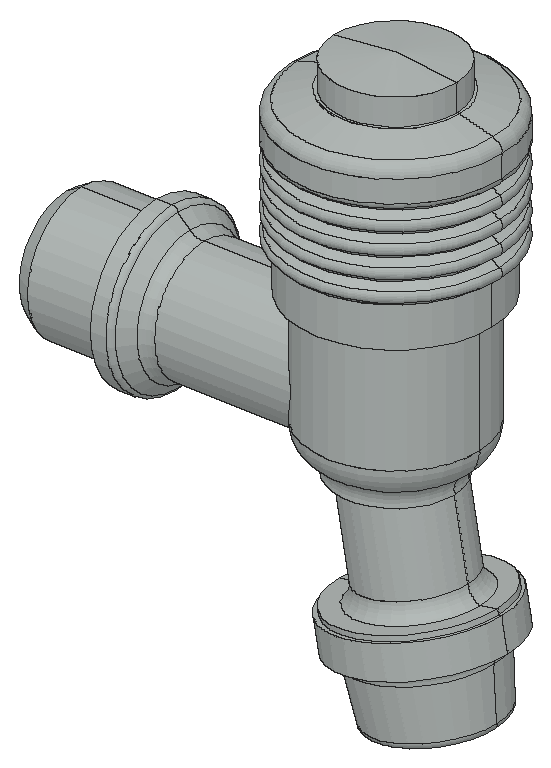
Revit family "QL01941015", category Apparecchi idraulici, Revit 2020
Family settings
  Quota connettore circolare = Usa diametro
  Tipo di parte = Normale
  Numero OmniClass = 23.45.00.00
  Titolo OmniClass = Sanitary, Laundry, and Cleaning Equipment
  Basato su piano di lavoro = No
  Sempre verticale = Sì
  Taglio con vuoti quando caricato = No
  Condiviso = No
  Punto di calcolo locali = No
Parameters
  URL = "https://web.cimberio.com/index.php/figura/1782?subcategoria_id=123"
  Temperatura di esercizio = "-10÷90°C"
  Prospetto di default = 0 mm
  Produttore = "CIMBERIO SPA"
  Pressione nominale = "PN 10"
  Modello = "Cim 44"
  Materiale = "Prodotto in lega di ottone conforme alla norma EN 12165-CW617N-DW"
  Descrizione = "Realizzato in ottemperanza ai requisiti gestionali della norma EN ISO 9001.\r\nUtilizzato per la regolazione della temperatura degli ambienti e comandare apparecchi degli impianti di riscaldamento e condizionamento."
  DN [instance] = 15 mm
  Commenti sul tipo = "Utilizzato per impianti idrici, applicazioni industriali ed agricole, in generale con ogni fluido non corrosivo.\r\nUtilizzato per impianti idrici, applicazioni industriali ed agricole, in generale con ogni fluido non corrosivo."
Reference planes
  plane 1 "Centro (Fronte/Retro)": y = 0
  plane 2: z = 0
  plane 3 "Centro (Sinistra/Destra)": x = 0
Forms (mm)
  Revolve 1, solid, material "Cim_Lega di ottone"
    sketch origin (0, 0, 0) x (1, 0, 0) y (0, 0, 1)
      loop
        arc (-10, 41.2) -> (-12.601, 40.54) -> (-15.159, 39.73) r 46
        arc (-15.159, 39.73) -> (-16.131, 39) -> (-16.5, 37.842) r 2
        line (-16.5, 37.842) -> (-16.5, 34.412)
        arc (-16.5, 34.412) -> (-16.397, 33.97) -> (-16.109, 33.619) r 1
        line (-16.109, 33.619) -> (-14.989, 32.76) -> (-16.109, 31.9)
        arc (-16.109, 31.9) -> (-16.5, 31.107) -> (-16.109, 30.314) r 1
        line (-16.109, 30.314) -> (-14.989, 29.454) -> (-16.109, 28.595)
        arc (-16.109, 28.595) -> (-16.5, 27.802) -> (-16.109, 27.008) r 1
        line (-16.109, 27.008) -> (-14.989, 26.149) -> (-16.109, 25.289)
        arc (-16.109, 25.289) -> (-16.5, 24.496) -> (-16.109, 23.703) r 1
        line (-16.109, 23.703) -> (-14.989, 22.843) -> (-16.109, 21.984)
        arc (-16.109, 21.984) -> (-16.5, 21.191) -> (-16.109, 20.397) r 1
        line (-16.109, 20.397) -> (-15, 19.547) -> (-15, 13.3) -> (0, 13.3) -> (0, 41.2) -> (-10, 41.2)
      axis (0, 41.2) -> (0, 13.3)
    angle from 0 to 360
  Revolve 2, solid, material "Cim_Lega di ottone"
    sketch origin (0, 0, 0) x (1, 0, 0) y (0, 0, 1)
      loop
        line (0, 41.2) -> (0, 46.249)
        arc (0, 46.249) -> (-4.774, 46.019) -> (-9.5, 45.308) r 47.415
        line (-9.5, 45.308) -> (-9.5, 41.2) -> (0, 41.2)
      axis (0, 46.249) -> (0, 41.2)
    angle from 0 to 360
  Revolve 3, solid, material "Cim_Lega di ottone filetto"
    sketch origin (0, 0, 0) x (1, 0, 0) y (0, 0, 1)
      loop
        line (-48.7, 10.35) -> (-51, 9.022) -> (-51, 7.506) -> (-37, 7.506) -> (-37, 10.35) -> (-48.7, 10.35)
      axis (-51, 0) -> (-37, 0)
    angle from 0 to 360
  Revolve 4, solid, material "Cim_Lega di ottone"
    sketch origin (0, 0, 0) x (1, 0, 0) y (0, 0, 1)
      loop
        line (-37, 7.5) -> (0, 7.5) -> (0, 9.5) -> (-29.757, 9.5)
        arc (-29.757, 9.5) -> (-30.905, 9.728) -> (-31.879, 10.379) r 3
        line (-31.879, 10.379) -> (-33.742, 12.242)
        arc (-33.742, 12.242) -> (-34.098, 12.659) -> (-34.624, 12.815) r 0.966
        line (-34.624, 12.815) -> (-37, 12.815) -> (-37, 7.5)
      axis (0, 0) -> (-37, 0)
    angle from 0 to 360
  Revolve 5, solid, material "Cim_Lega di ottone"
    sketch origin (0, 0, 0) x (1, 0, 0) y (0, 0, 1)
      loop
        line (0, 13.3) -> (0, -12.042) -> (9.118, -12.042)
        arc (9.118, -12.042) -> (9.347, -10.268) -> (10.545, -8.94) r 3
        arc (10.545, -8.94) -> (12.343, -7.113) -> (13, -4.636) r 5
        line (13, -4.636) -> (13, 13.3) -> (0, 13.3)
      axis (0, -12.042) -> (0, 13.3)
    angle from 0 to 360
  Revolve 6, solid, material "Cim_Lega di ottone"
    sketch origin (0, 0, 0) x (1, 0, 0) y (0, 0, 1)
      loop
        line (11.179, -23.731) -> (8.249, -7.114) -> (0.223, -8.529) -> (3.656, -28) -> (13.872, -26.198)
        arc (13.872, -26.198) -> (12.107, -25.421) -> (11.179, -23.731) r 3
      axis (3.656, -28) -> (0.223, -8.529)
    angle from 0 to 360
  Revolve 7, solid, material "Cim_Lega di ottone"
    sketch origin (0, 0, 0) x (1, 0, 0) y (0, 0, 1)
      loop
        line (6.414, -44.025) -> (14.955, -42.519)
        arc (14.955, -42.519) -> (15.567, -42.152) -> (15.78, -41.471) r 1
        line (15.78, -41.471) -> (15.277, -33.424)
        arc (15.277, -33.424) -> (15.444, -32.358) -> (16.045, -31.461) r 2.5
        line (16.045, -31.461) -> (17.404, -31.222) -> (16.538, -26.196) -> (3.67, -28.465) -> (6.414, -44.025)
      axis (6.414, -44.025) -> (3.67, -28.465)
    angle from 0 to 360
  Revolve 8, solid, material "Cim_Lega di ottone"
    sketch origin (0, 0, 0) x (1, 0, 0) y (0, 0, 1)
      loop
        line (15.833, -25.508) -> (3.597, -27.665) -> (3.736, -28.453) -> (15.972, -26.295) -> (15.833, -25.508)
      axis (3.597, -27.665) -> (3.771, -28.65)
    angle from 0 to 360
Dimensions and locks
  aligned and locked: level to plane 2
Connectors
  piping at (-51, 0, 0), diameter 15, driven by "DN"
    settings: on Revolve 3, index 1, connector inside diameter 609.6 mm, connector length 0 mm, flow factor 0, pipe flow 0.0 L/s, pressure drop 0.0 Pa, fitting loss kfactor 0, connector angle 0.00°, fixture units 0, engagement length 0 mm, angle of deflection 0.00°, flow configuration 0, flow direction 0, fitting loss method 0, system type 7, joint type 0, gender type 0, connector reference index -1, connector utility 0, adjustable connector no, is connector primary yes, connector description ""
  piping at (4.556, 0, -33.487), diameter 15, driven by "DN"
    settings: on Revolve 7, index 2, connector inside diameter 609.6 mm, connector length 0 mm, flow factor 0, pipe flow 0.0 L/s, pressure drop 0.0 Pa, fitting loss kfactor 0, connector angle 0.00°, fixture units 0, engagement length 0 mm, angle of deflection 0.00°, flow configuration 0, flow direction 0, fitting loss method 0, system type 7, joint type 0, gender type 0, connector reference index -1, connector utility 0, adjustable connector no, is connector primary no, connector description ""
